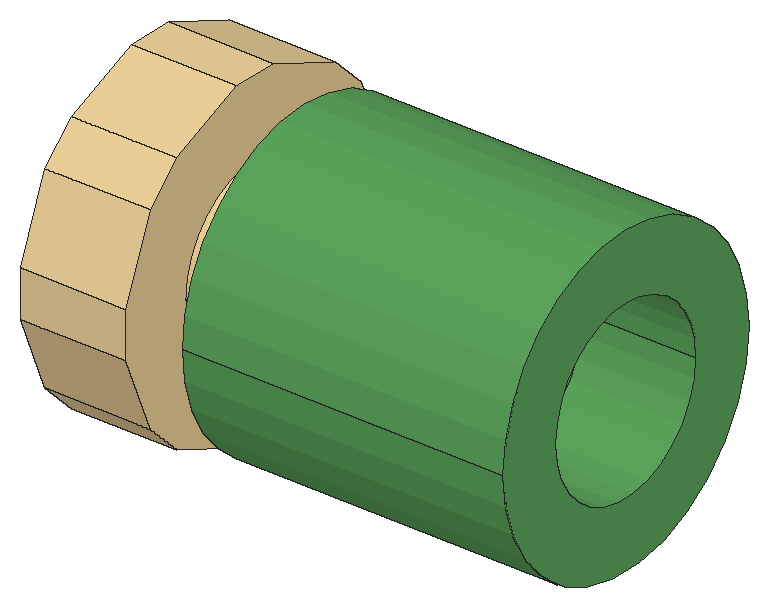
Revit family "Aquatherm_Резьбовой переходник", category Соединительные детали трубопроводов, Revit 2019
Family settings
  Размер круглого соединителя = Использовать диаметр
  Тип детали = Переход
  На основе рабочей плоскости = Нет
  Всегда вертикально = Да
  При загрузке вырезать с полостями = Нет
  Общий = Нет
Parameters (values of type "SDR 11")
  Материал_Корпус_2 = AquaTherm латунь pipe
  Материал_Корпус = AquaTherm green pipe
  z [instance] = size_lookup("Резьбовой переходник", "z", R + 12 mm, R, d)  # 44 mm
  l1 [instance] = size_lookup("Резьбовой переходник", "l1", R + 12 mm, R, d)  # 3 mm
  d2 [instance] = if(R > d, d - 6 mm, R - 6 mm)  # 19 mm
  d [instance] = 25 mm
  SDR = 11 mm
  R [instance] = 32 mm
  URL = "www.agpipe.ru"
  l [instance] = size_lookup("Резьбовой переходник", "l", R + 12 mm, R, d)  # 60 mm
  D [instance] = size_lookup("Резьбовой переходник", "D", R + 12 mm, R, d)  # 43.5 mm
  ADSK_Примечание = ""
  ADSK_Позиция [instance] = ""
  ADSK_Обозначение = ""
  ADSK_Наименование [instance] = size_lookup("Резьбовой переходник", "ADSK_Наименование", "Нет в каталоге", R, d)  # "Резьбовой переходник DN32x1 1/4''"
  ADSK_Масса_Текст [instance] = size_lookup("Резьбовой переходник", "ADSK_Масса_Текст", "Нет в каталоге", R, d)  # "0.274"
  ADSK_Код изделия [instance] = size_lookup("Резьбовой переходник", "ADSK_Код изделия", "Нет в каталоге", R, d)  # "27012"
  ADSK_Завод-изготовитель = "Aquatherm"  # constant formula
  ADSK_Единица измерения = "шт."  # constant formula
Types (5, lengths in mm): name | SDR | URL
  (no name) | 11 | "www.agpipe.ru"
  SDR 6 | 6 | "http://aquatherm.ru/"
  SDR 7.4 | 7.4 | "http://aquatherm.ru/"
  SDR 9 | 9 | "http://aquatherm.ru/"
  SDR 11 | 11 | "www.agpipe.ru"
Reference planes
  plane 1 "По центру (Вперед/Назад)": y = 0
  plane 2: z = 0
  plane 3 "По центру (Влево/Вправо)": x = 0
  plane 4: x = -30
  plane 5: x = 30
  plane 6: x = -33
  plane 7: x = 14
Lines and regions (mm)
  reference lines
    curve 1: line (-33, 0, 0) -> (3, 0, 0)
Dimensions and locks
  equal spacing: plane 4, plane 3 "По центру (Влево/Вправо)", plane 5
  "l": plane 4 to plane 5
  "l1": plane 6 to plane 4
  "z": plane 4 to plane 7
  aligned and locked: level to plane 2
  aligned and locked: plane 3 "По центру (Влево/Вправо)" to nested 1
  aligned and locked: plane 6 to curve 1
Automatic sketch dimensions
  plane 1 "По центру (Вперед/Назад)" to curve 1 = 0 mm
  plane 3 "По центру (Влево/Вправо)" to curve 1 = 3 mm
Nested families
  nested 1: "Aquatherm_Резьбовой переходник" at (0, 0, 0), Материал_Корпус <- "Материал_Корпус_2", d <- "d", R <- "R", type "Aquatherm_Резьбовой переходник"
    with Материал_Корпус AquaTherm латунь pipe, z 44 mm, r 35 mm, l1 3 mm, l 60 mm, k 15 mm, d2 25 mm, d1 19 mm, d 25 mm, SW' 45 mm, SW 46 mm, R 32 mm, D1 31 mm, D 43.5 mm, 2 yes
Connectors
  piping at (-33, 0, 0), diameter 32, driven by "R"
    settings: on curve 1, index 1, connector inside diameter 609.6 mm, connector length 0 mm, flow factor 0, pipe flow 0.0 L/s, pressure drop 0.0 Pa, fitting loss kfactor 0, connector angle 0.00°, fixture units 0, engagement length 0 mm, angle of deflection 0.00°, flow configuration 0, flow direction 0, fitting loss method 0, system type 28, joint type 0, gender type 0, connector reference index 2, connector utility 0, adjustable connector no, is connector primary yes, connector description ""
  piping at (3, 0, 0), diameter 25, driven by "d"
    settings: on curve 1, index 2, connector inside diameter 609.6 mm, connector length 0 mm, flow factor 0, pipe flow 0.0 L/s, pressure drop 0.0 Pa, fitting loss kfactor 0, connector angle 0.00°, fixture units 0, engagement length 0 mm, angle of deflection 0.00°, flow configuration 0, flow direction 0, fitting loss method 0, system type 28, joint type 0, gender type 0, connector reference index 1, connector utility 0, adjustable connector no, is connector primary no, connector description ""
Definition of nested family "Aquatherm_Резьбовой переходник"
  Parameters (values of type "Aquatherm_Резьбовой переходник")
    Материал_Корпус_2 = none
    Материал_Корпус [instance] = none
    K Coefficient = 0
    z [instance] = size_lookup("Резьбовой переходник", "z", 18 mm, d, R)  # 61 mm
    l1 [instance] = size_lookup("Резьбовой переходник", "l1", 18 mm, d, R)  # 3 mm
    r [instance] = R + 3 mm  # 78 mm
    k [instance] = 15 mm  # constant formula
    d2 [instance] = d1 + 6 mm  # 90 mm
    d1 [instance] = d - 6 mm  # 84 mm
    URL = "http://aquatherm.ru/"
    d [instance] = 90 mm
    SW' [instance] = SW - 1 mm  # 109 mm
    SW [instance] = size_lookup("Резьбовой переходник", "SW", 18 mm, d, R)  # 110 mm
    R [instance] = 75 mm
    l [instance] = size_lookup("Резьбовой переходник", "l", 18 mm, d, R)  # 91 mm
    D1 [instance] = d + 6 mm  # 96 mm
    D [instance] = size_lookup("Резьбовой переходник", "D", 18 mm, d, R)  # 100 mm
    2 [instance] = yes
  Reference planes
    plane 1 "По центру (Вперед/Назад)": y = 0
    plane 2: z = 0
    plane 3 "По центру (Влево/Вправо)": x = 0
    plane 4: x = -45.5
    plane 5: x = 45.5
    plane 6: x = -48.5
    plane 7: x = -53
    plane 8: x = -38
    plane 9: x = -42
    plane 10: x = 15.5
    plane 11: x = -15.5
  Forms (mm)
    Extrusion 1, solid, material <- "Материал_Корпус_2", visible <- "2"
      sketch origin (0, 0, 0) x (0, 1, 0) y (0, 0, 1)
        loop
          circle (0, 0) r 50
      from -15.5 to 45.5
    Extrusion 2, solid, material <- "Материал_Корпус", visible <- "2"
      sketch origin (0, 0, 0) x (0, 1, 0) y (0, 0, 1)
        loop
          circle (0, 0) r 37.5
      from -45.5 to -42
    Extrusion 3, solid, material <- "Материал_Корпус", visible <- "2"
      sketch origin (0, 0, 0) x (0, 1, 0) y (0, 0, 1)
        loop
          line (-22.782, 55) -> (-55, 22.782) -> (-55, -22.782) -> (-22.782, -55) -> (22.782, -55) -> (55, -22.782) -> (55, 22.782) -> (22.782, 55) -> (-22.782, 55)
      from -53 to -38
    Extrusion 4, void
      sketch origin (0, 0, 0) x (0, 1, 0) y (0, 0, 1)
        loop
          line (0, 58.99) -> (-41.712, 41.712) -> (-58.99, 0) -> (-41.712, -41.712) -> (0, -58.99) -> (41.712, -41.712) -> (58.99, 0) -> (41.712, 41.712) -> (0, 58.99)
        loop
          circle (0, 0) r 91
      from -53 to -38
    Extrusion 5, void
      sketch origin (0, 0, 0) x (0, 1, 0) y (0, 0, 1)
        loop
          circle (0, 0) r 37.5
      from -53 to -45.5
    Extrusion 6, void
      sketch origin (0, 0, 0) x (0, 1, 0) y (0, 0, 1)
        loop
          circle (0, 0) r 45
      from 15.5 to 45.5
    Extrusion 7, solid, material <- "Материал_Корпус", visible <- "2"
      sketch origin (0, 0, 0) x (0, 1, 0) y (0, 0, 1)
        loop
          circle (0, 0) r 45
      from -15.5 to -38
    Extrusion 8, void
      sketch origin (0, 0, 0) x (0, 1, 0) y (0, 0, 1)
        loop
          circle (0, 0) r 42
      from -38 to 15.5
  Cuts and joins
    Extrusion 4, Extrusion 5, Extrusion 6, Extrusion 8 cuts Extrusion 3
    Extrusion 8 cuts Extrusion 7
    Extrusion 5, Extrusion 6, Extrusion 8 cuts Extrusion 1
  Dimensions and locks
    equal spacing: plane 4, plane 3 "По центру (Влево/Вправо)", plane 5
    "l": plane 4 to plane 5
    "l1": plane 6 to plane 4
    equal spacing: Extrusion 3 sketch curve, level, Extrusion 3 sketch curve
    "SW": Extrusion 3 sketch curve to Extrusion 3 sketch curve  (x4)
    equal spacing: Extrusion 3 sketch curve, plane 1 "По центру (Вперед/Назад)", Extrusion 3 sketch curve  (x3)
    equal spacing: Extrusion 4 sketch curve, plane 1 "По центру (Вперед/Назад)", Extrusion 4 sketch curve  (x4)
    "SW'": Extrusion 4 sketch curve to Extrusion 4 sketch curve  (x4)
    equal spacing: plane 7, plane 4, plane 8
    "k": plane 7 to plane 8
    locked: plane 9 to plane 8 at 4
    "z": plane 4 to plane 10
    "z": plane 11 to plane 5
    "D": diameter of Extrusion 1 sketch curve
    "R": diameter of Extrusion 2 sketch curve
    "l": radius of Extrusion 4 sketch curve
    "R": diameter of Extrusion 5 sketch curve
    "d": diameter of Extrusion 6 sketch curve
    "d": diameter of Extrusion 7 sketch curve
    "d1": diameter of Extrusion 8 sketch curve
    locked: Extrusion 3 sketch curve to Extrusion 3 sketch curve (angle 135.00°)  (x4)
    locked: Extrusion 4 sketch curve to Extrusion 4 sketch curve (angle 135.00°)  (x4)
    aligned and locked: level to plane 2
    aligned and locked: plane 5 to Extrusion 1
    aligned and locked: Extrusion 4 to plane 7
    aligned and locked: Extrusion 4 to plane 8
    aligned and locked: cut or joined group of Extrusion 3, Extrusion 4, Extrusion 5, Extrusion 6, Extrusion 8 to plane 7
    aligned and locked: cut or joined group of Extrusion 3, Extrusion 4, Extrusion 5, Extrusion 6, Extrusion 8 to plane 8
    aligned and locked: Extrusion 2 to plane 4
    aligned and locked: plane 9 to Extrusion 2
    aligned and locked: plane 4 to Extrusion 2
    aligned and locked: Extrusion 3 to Extrusion 5
    aligned and locked: plane 5 to Extrusion 6
    aligned and locked: plane 4 to Extrusion 5
    aligned and locked: Extrusion 6 to plane 10
    aligned and locked: plane 11 to Extrusion 7
    aligned and locked: plane 8 to Extrusion 8
    aligned and locked: plane 10 to Extrusion 8
    aligned and locked: plane 8 to cut or joined group of Extrusion 7, Extrusion 8
    aligned and locked: Extrusion 4 to Extrusion 3
  Automatic sketch dimensions
    Extrusion 1 sketch curve to level = 0 mm
    Extrusion 1 sketch curve to plane 1 "По центру (Вперед/Назад)" = 0 mm
    Extrusion 2 sketch curve to level = 0 mm
    Extrusion 2 sketch curve to plane 1 "По центру (Вперед/Назад)" = 0 mm
    Extrusion 4 sketch curve to plane 1 "По центру (Вперед/Назад)" = 0 mm  (x2)
    Extrusion 4 sketch curve to level = 0 mm  (x2)
    Extrusion 5 sketch curve to level = 0 mm
    Extrusion 5 sketch curve to plane 1 "По центру (Вперед/Назад)" = 0 mm
    Extrusion 6 sketch curve to level = 0 mm
    Extrusion 6 sketch curve to plane 1 "По центру (Вперед/Назад)" = 0 mm
    Extrusion 7 sketch curve to level = 0 mm
    Extrusion 7 sketch curve to plane 1 "По центру (Вперед/Назад)" = 0 mm
    Extrusion 8 sketch curve to level = 0 mm
    Extrusion 8 sketch curve to plane 1 "По центру (Вперед/Назад)" = 0 mm
